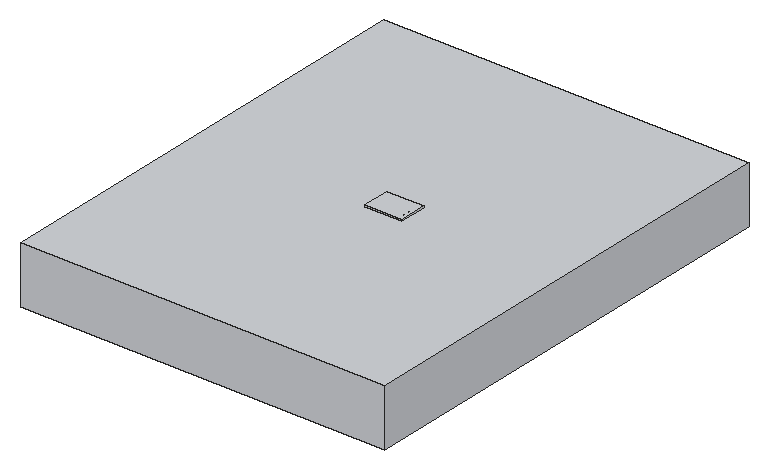
Revit family "M_Registro do retorno - Retangular - Montado no piso", category Terminais de ar, Revit 2019
Family settings
  Hospedeiro = Face
  Cota do conector redondo = Utilizar diâmetro
  Tipo de parte = Normal
  Número OmniClass = 23.75.70.21.27.11
  Título OmniClass = Diffusers, Registers, and Grilles
  ID de item do Seek = Return Register - Rectangular - Floor Mounted-0000-CAN-ENU
  Corte com vazios quando carregada = Não
  Compartilhado = Não
  Ponto de cálculo do ambiente = Não
Parameters (values of type "150 mmx100 mm")
  Queda de pressão [instance] = 21.0 Pa
  Meio N = Meia largura / (19.05 mm)  # 4
  Material do registro = none
  Meia largura = Largura do duto / 2  # 75 mm
  Meia altura = Altura do duto / 2  # 50 mm
  Fluxo [instance] = 71.0 L/s
  Largura do duto = 150 mm
  Altura do duto = 100 mm
  Elevação-padrão = 1200 mm
Types (11, lengths in mm): name | Queda de pressão | Meio N | Meia largura | Meia altura | Fluxo | Largura do duto | Altura do duto
  (no name) | 21.0 Pa | 4 | 75 | 50 | 71.0 L/s | 150 | 100
  150 mmx100 mm | 21.0 Pa | 4 | 75 | 50 | 71.0 L/s | 150 | 100
  150 mmx150 mm | 40.0 Pa | 4 | 75 | 75 | 71.0 L/s | 150 | 150
  200 mmx100 mm | 21.0 Pa | 5 | 100 | 50 | 95.0 L/s | 200 | 100
  250 mmx100 mm | 21.0 Pa | 7 | 125 | 50 | 95.0 L/s | 250 | 100
  300 mmx100 mm | 21.0 Pa | 8 | 150 | 50 | 118.0 L/s | 300 | 100
  300 mmx300 mm | 229.0 Pa | 8 | 150 | 150 | 189.0 L/s | 300 | 300
  400 mmx300 mm | 10.0 Pa | 10 | 200 | 150 | 472.0 L/s | 400 | 300
  500 mmx300 mm | 12.0 Pa | 13 | 250 | 150 | 661.0 L/s | 500 | 300
  600 mmx100 mm | 15.0 Pa | 16 | 300 | 50 | 283.0 L/s | 600 | 100
  600 mmx600 mm | 34.0 Pa | 16 | 300 | 300 | 850.0 L/s | 600 | 600
Reference planes
  plane 1 "Centro (Frente/Trás)": y = 0
  plane 2: z = 0
  plane 3 "Centro (Esquerda/Direita)": x = 0
  plane 4: x = -75
  plane 5: x = 75
  plane 6: y = 50
  plane 7: y = -50
  plane 8: x = 98.812
  plane 9: x = -98.812
  plane 10: y = 73.812
  plane 11: y = -73.813
  plane 12 "11": z = 6.35
  plane 13: z = -25.4
  plane 14: x = -19.05
  plane 15: x = 19.05
Forms (mm)
  Extrusion 1, solid
    sketch origin (0, 0, 0) x (1, 0, 0) y (0, 1, 0)
      loop
        line (-1031.969, 1219.2) -> (-1031.969, -1219.2) -> (922.936, -1219.2) -> (922.936, 1219.2) -> (-1031.969, 1219.2)
    from 0 to -304.8
  Extrusion 2, solid, material <- "Material do registro"
    sketch origin (0, 0, 0) x (1, 0, 0) y (0, 1, 0)
      loop
        line (-75, -50) -> (75, -50) -> (75, 50) -> (-75, 50) -> (-75, -50)
    from 0 to -25.4
  Extrusion 3, solid, material <- "Material do registro"
    sketch origin (0, 0, 0) x (1, 0, 0) y (0, 1, 0)
      loop
        line (-98.812, -73.813) -> (98.812, -73.813) -> (98.812, 73.812) -> (-98.812, 73.812) -> (-98.812, -73.813)
    from 0 to 6.35
Cuts and joins
  joined: Extrusion 2, Extrusion 3
Lines and regions (mm)
  model lines
    curve 1: line (-75, -50, 6.35) -> (75, -50, 6.35)
    curve 2: line (-75, 50, 6.35) -> (-75, -50, 6.35)
    curve 3: line (75, 50, 6.35) -> (-75, 50, 6.35)
    curve 4: line (75, -50, 6.35) -> (75, 50, 6.35)
  symbolic lines
    curve 5: line (-98.812, 73.812, 6.35) -> (98.812, 73.812, 6.35)
    curve 6: line (-98.812, -73.813, 6.35) -> (-98.812, 73.812, 6.35)
    curve 7: line (98.812, -73.813, 6.35) -> (-98.812, -73.813, 6.35)
    curve 8: line (98.812, 73.812, 6.35) -> (98.812, -73.813, 6.35)
  symbolic lines, detail levels fine
    curve 9: line (-75, 50, 6.35) -> (75, 50, 6.35)
    curve 10: line (-75, -50, 6.35) -> (-75, 50, 6.35)
    curve 11: line (75, -50, 6.35) -> (-75, -50, 6.35)
    curve 12: line (75, 50, 6.35) -> (75, -50, 6.35)
Dimensions and locks
  equal spacing: plane 4, plane 3 "Centro (Esquerda/Direita)", plane 5
  "Meia largura": plane 4 to plane 3 "Centro (Esquerda/Direita)"
  equal spacing: plane 6, plane 1 "Centro (Frente/Trás)", plane 7
  "Meia altura": plane 6 to plane 1 "Centro (Frente/Trás)"
  locked: plane 8 to plane 5 at 23.813
  locked: plane 9 to plane 4 at 23.813
  locked: plane 10 to plane 6 at 23.812
  locked: plane 11 to plane 7 at 23.812
  locked: plane 12 "11" to plane 2 at 6.35
  locked: plane 13 to plane 2 at 25.4
  plane 14 to plane 3 "Centro (Esquerda/Direita)" to plane 15 = 19.05 mm locked, 19.05 mm locked
  equal spacing: group 1, group 2, group 3, group 4  (x2)
  equal spacing: group 4, group 3, group 2, group 1
  equal spacing: group 7, group 6, group 5, group 1  (x2)
  equal spacing: group 1, group 5, group 6, group 7
  locked: connector elem to plane 3 "Centro (Esquerda/Direita)" at 0
  locked: connector elem to plane 1 "Centro (Frente/Trás)" at 0
  aligned and locked: plane 2 to Extrusion 1
  aligned and locked: level to Extrusion 1
  aligned and locked: plane 4 to Extrusion 2 sketch curve
  aligned and locked: Extrusion 2 sketch curve to plane 7
  aligned and locked: plane 6 to Extrusion 2 sketch curve
  aligned and locked: plane 5 to Extrusion 2 sketch curve
  aligned and locked: Extrusion 2 to plane 2
  aligned and locked: Extrusion 2 to plane 13
  aligned and locked: plane 9 to Extrusion 3 sketch curve
  aligned and locked: Extrusion 3 sketch curve to plane 11
  aligned and locked: plane 10 to Extrusion 3 sketch curve
  aligned and locked: plane 8 to Extrusion 3 sketch curve
  aligned and locked: Extrusion 3 to plane 2
  aligned and locked: plane 12 "11" to Extrusion 3
  aligned and locked: plane 3 "Centro (Esquerda/Direita)" to nested 1
  aligned and locked: nested 1 to plane 12 "11"
  aligned and locked: plane 6 to nested 1
  aligned and locked: plane 7 to nested 1
  aligned and locked: plane 15 to nested 2
  aligned and locked: plane 14 to nested 5
  aligned and locked: Extrusion 2 to curve 1
  aligned and locked: curve 1 to Extrusion 2
  aligned and locked: curve 4 to Extrusion 2
  aligned and locked: curve 5 to cut or joined group of Extrusion 2, Extrusion 3  (x2)
  aligned and locked: cut or joined group of Extrusion 2, Extrusion 3 to curve 8
  aligned and locked: curve 8 to cut or joined group of Extrusion 2, Extrusion 3
  aligned and locked: cut or joined group of Extrusion 2, Extrusion 3 to plane 4
  aligned and locked: curve 9 to plane 6
  aligned and locked: curve 12 to curve 4
Automatic sketch dimensions
  curve 4 to plane 5 = 0 mm
  Extrusion 1 sketch curve to Extrusion 1 sketch curve = 1954.904 mm
  Extrusion 1 sketch curve to Extrusion 1 sketch curve = 2438.4 mm
Nested families
  nested 1: "M_Registro de ar de retorno do piso retangular_Linha da grade" at (0, 0, 6.35), type "Registro de ar de retorno do piso retangular_Linha da grade"
  nested 2: "M_Registro de ar de retorno do piso retangular_Linha da grade" at (19.05, 0, 6.35), type "Registro de ar de retorno do piso retangular_Linha da grade"
  nested 3: "M_Registro de ar de retorno do piso retangular_Linha da grade" at (38.1, 0, 6.35), type "Registro de ar de retorno do piso retangular_Linha da grade"
  nested 4: "M_Registro de ar de retorno do piso retangular_Linha da grade" at (57.15, 0, 6.35), type "Registro de ar de retorno do piso retangular_Linha da grade"
  nested 5: "M_Registro de ar de retorno do piso retangular_Linha da grade" at (-19.05, 0, 6.35), type "Registro de ar de retorno do piso retangular_Linha da grade"
  nested 6: "M_Registro de ar de retorno do piso retangular_Linha da grade" at (-38.1, 0, 6.35), type "Registro de ar de retorno do piso retangular_Linha da grade"
  nested 7: "M_Registro de ar de retorno do piso retangular_Linha da grade" at (-57.15, 0, 6.35), type "Registro de ar de retorno do piso retangular_Linha da grade"
Connectors
  hvac at (0, 0, -25.4), driven by "Altura do duto", driven by "Largura do duto", driven by "Fluxo", driven by "Queda de pressão"
    settings: on plane 13, index 1, duct flow 71.0 L/s, flow factor 0, pres drop 21.0 Pa, loss coef 0, conn angle 0.00°, conn width 150 mm, conn height 100 mm, conn diameter 609.6 mm, duct sys type 2, conn prof type 1, flow config 1, flow direction 2, loss method 4, conn ref index -1, conn util no, is conn primary yes, conn desc ""
Definition of nested family "M_Registro de ar de retorno do piso retangular_Linha da grade"
  Parameters
    Meia altura = 50.8 mm
    Assembly Code = ""
  Reference planes
    plane 1 "Centro (Frente/Trás)": y = 0
    plane 2: z = 0
    plane 3 "Centro (Esquerda/Direita)": x = 0
    plane 4: y = 50.8
    plane 5: y = -50.8
  Lines and regions (mm)
    model lines
      curve 1: line (0, 50.8, 0) -> (0, -50.8, 0)
  Dimensions and locks
    equal spacing: plane 4, plane 1 "Centro (Frente/Trás)", plane 5
    "Meia altura": plane 4 to plane 1 "Centro (Frente/Trás)"
    aligned and locked: curve 1 to plane 3 "Centro (Esquerda/Direita)"
    aligned and locked: plane 4 to curve 1
    aligned and locked: plane 5 to curve 1
